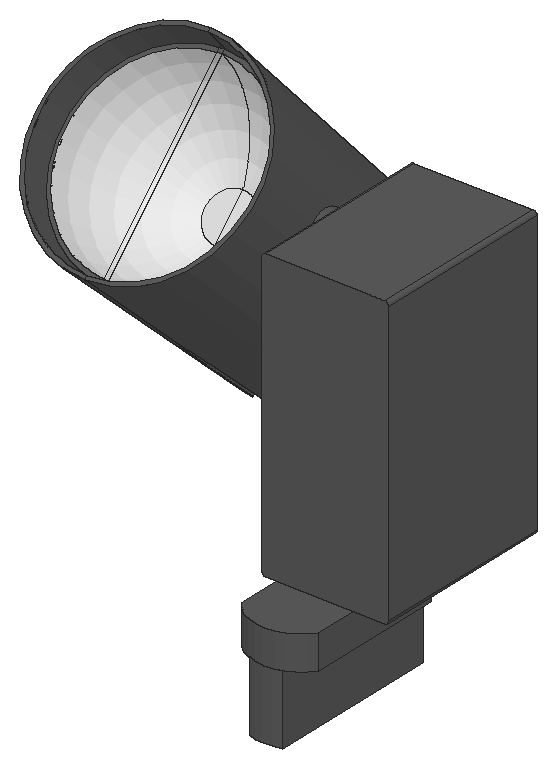
Revit family "0004947 Feilo Sylvania Lighting Fixture START TRACK SPOT S DALI 1359LM 940 MB BLK", category Lighting Fixtures, host Face, Revit 2017 (continued)
Definition of nested family "Start Track Spot Head"
  Types (96, lengths in mm): name | Wattage | built-in parameter 1150134 | Photometric Web File | Model | built-in parameter 1150105 | Lumens | built-in parameter 1150107 | built-in parameter 1150106 | HeadThickness_FEILO | HeadRibOffset_FEILO | HeadRibDepth_FEILO | HeadRibCutWidth_FEILO | HeadRibCutOffset_FEILO | HeadReflectorRadius_FEILO | HeadReflectorOffset_FEILO | HeadLEDRadius_FEILO | HeadHeight_FEILO | HeadDiffusorOffset_FEILO | HeadDiaOut_FEILO | HeadDiaIn_FEILO | HeadAxisFromTop_FEILO | Emit from Circle Diameter | built-in parameter 1150104 | Description | Apparent Load
    0004864 START TRACK SPOT S 24W 3K RA90 WB WHITE | 24 W | (empty or 0) | "0004864.ies" | "START TRACK SPOT S 24W 3K RA90 WB WHITE" | 152.79 (stored number, unit not read) | 1920 lm | 3000 (stored number, unit not read) | 1.5279 (stored number, unit not read) | 1.5 | 4.179 | 55.714 | 7.167 | 50.87 | 50.588 | 55.714 | 9.556 | 117 | 9.435 | 86 | 77.477 | 69.354 | 77.477 | 7.4322 (stored number, unit not read) | "Integrated LED spotlight, Textured White - RAL9016, compact and minimalist design, ideal for retail applications, die-cast aluminium body, passive cooling heatsink. Beam angle: 64°, color temperature: 3000K , total system power: 24W, total fixture output: 1928 lm, LOR: 100%, colour rendering: Ra: 90 typical, LED Chromaticity: 3 step MacAdam ellipse, lifetime: >50000 hours at L70B50, energy class: A++, A+, A, IR/UV free light source without heat radiation, operating voltage: 220-240V / 50-60Hz, drive current: 600mA, electronic driver, non-dimmable, power factor: 0.95, electrical protection: Class II, Global Track 3 Phase adapter suitable for Global trac 3-circuit tracks, ingress protection rating: IP20, suitable for internal environment only, horizontal rotation: 355°, vertical tilt: 90°, dimensions: Ø86x140x200, weight: 0.966kg." | 24 VA
    0004863 START TRACK SPOT S 24W 3K RA90 MB WHITE | 24 W | (empty or 0) | "0004863.ies" | "START TRACK SPOT S 24W 3K RA90 MB WHITE" | 154.7 (stored number, unit not read) | 1944 lm | 3000 (stored number, unit not read) | 1.547 (stored number, unit not read) | 1.5 | 4.179 | 55.714 | 7.167 | 50.87 | 50.588 | 55.714 | 9.556 | 117 | 9.435 | 86 | 77.477 | 69.354 | 77.477 | 7.5251 (stored number, unit not read) | "Integrated LED spotlight, Textured White - RAL9016, compact and minimalist design, ideal for retail applications, die-cast aluminium body, passive cooling heatsink. Beam angle: 36°, color temperature: 3000K , total system power: 24W, total fixture output: 1944 lm, LOR: 100%, colour rendering: Ra: 90 typical, LED Chromaticity: 3 step MacAdam ellipse, lifetime: >50000 hours at L70B50, energy class: A++, A+, A, IR/UV free light source without heat radiation, operating voltage: 220-240V / 50-60Hz, drive current: 600mA, electronic driver, non-dimmable, power factor: 0.95, electrical protection: Class II, Global Track 3 Phase adapter suitable for Global trac 3-circuit tracks, ingress protection rating: IP20, suitable for internal environment only, horizontal rotation: 355°, vertical tilt: 90°, dimensions: Ø86x140x200, weight: 0.966kg." | 24 VA
    0004862 START TRACK SPOT S 24W 3K RA90 NB WHITE | 24 W | (empty or 0) | "0004862.ies" | "START TRACK SPOT S 24W 3K RA90 NB WHITE" | 158.52 (stored number, unit not read) | 1992 lm | 3000 (stored number, unit not read) | 1.5852 (stored number, unit not read) | 1.5 | 4.179 | 55.714 | 7.167 | 50.87 | 50.588 | 55.714 | 9.556 | 117 | 9.435 | 86 | 77.477 | 69.354 | 77.477 | 7.711 (stored number, unit not read) | "Integrated LED spotlight, Textured White - RAL9016, compact and minimalist design, ideal for retail applications, die-cast aluminium body, passive cooling heatsink. Beam angle: 12°, color temperature: 3000K , total system power: 24W, total fixture output: 1987 lm, LOR: 100%, colour rendering: Ra: 90 typical, LED Chromaticity: 3 step MacAdam ellipse, lifetime: >50000 hours at L70B50, energy class: A++, A+, A, IR/UV free light source without heat radiation, operating voltage: 220-240V / 50-60Hz, drive current: 600mA, electronic driver, non-dimmable, power factor: 0.95, electrical protection: Class II, Global Track 3 Phase adapter suitable for Global trac 3-circuit tracks, ingress protection rating: IP20, suitable for internal environment only, horizontal rotation: 355°, vertical tilt: 90°, dimensions: Ø86x140x200, weight: 0.966kg." | 24 VA
    0004861 START TRACK SPOT S 14W 3K RA90 WB WHITE | 14 W | (empty or 0) | "0004861.ies" | "START TRACK SPOT S 14W 3K RA90 WB WHITE" | 100.27 (stored number, unit not read) | 1260 lm | 3000 (stored number, unit not read) | 1.0027 (stored number, unit not read) | 1.5 | 4.179 | 55.714 | 7.167 | 50.87 | 50.588 | 55.714 | 9.556 | 117 | 9.435 | 86 | 77.477 | 69.354 | 77.477 | 8.3613 (stored number, unit not read) | "Integrated LED spotlight, Textured White - RAL9016, compact and minimalist design, ideal for retail applications, die-cast aluminium body, passive cooling heatsink. Beam angle: 64°, color temperature: 3000K , total system power: 14W, total fixture output: 1262 lm, LOR: 100%, colour rendering: Ra: 90 typical, LED Chromaticity: 3 step MacAdam ellipse, lifetime: >50000 hours at L70B50, energy class: A++, A+, A, IR/UV free light source without heat radiation, operating voltage: 220-240V / 50-60Hz, drive current: 350mA, electronic driver, non-dimmable, power factor: 0.92, electrical protection: Class II, Global Track 3 Phase adapter suitable for Global trac 3-circuit tracks, ingress protection rating: IP20, suitable for internal environment only, horizontal rotation: 355°, vertical tilt: 90°, dimensions: Ø86x140x200, weight: 0.940kg." | 14 VA
    0004860 START TRACK SPOT S 14W 3K RA90 MB WHITE | 14 W | (empty or 0) | "0004860.ies" | "START TRACK SPOT S 14W 3K RA90 MB WHITE" | 100.27 (stored number, unit not read) | 1260 lm | 3000 (stored number, unit not read) | 1.0027 (stored number, unit not read) | 1.5 | 4.179 | 55.714 | 7.167 | 50.87 | 50.588 | 55.714 | 9.556 | 117 | 9.435 | 86 | 77.477 | 69.354 | 77.477 | 8.3613 (stored number, unit not read) | "Integrated LED spotlight, Textured White - RAL9016, compact and minimalist design, ideal for retail applications, die-cast aluminium body, passive cooling heatsink. Beam angle: 36°, color temperature: 3000K , total system power: 14W, total fixture output: 1262 lm, LOR: 100%, colour rendering: Ra: 90 typical, LED Chromaticity: 3 step MacAdam ellipse, lifetime: >50000 hours at L70B50, energy class: A++, A+, A, IR/UV free light source without heat radiation, operating voltage: 220-240V / 50-60Hz, drive current: 350mA, electronic driver, non-dimmable, power factor: 0.92, electrical protection: Class II, Global Track 3 Phase adapter suitable for Global trac 3-circuit tracks, ingress protection rating: IP20, suitable for internal environment only, horizontal rotation: 355°, vertical tilt: 90°, dimensions: Ø86x140x200, weight: 0.940kg." | 14 VA
    0004859 START TRACK SPOT S 14W 3K RA90 NB WHITE | 14 W | (empty or 0) | "0004859.ies" | "START TRACK SPOT S 14W 3K RA90 NB WHITE" | 102.5 (stored number, unit not read) | 1288 lm | 3000 (stored number, unit not read) | 1.025 (stored number, unit not read) | 1.5 | 4.179 | 55.714 | 7.167 | 50.87 | 50.588 | 55.714 | 9.556 | 117 | 9.435 | 86 | 77.477 | 69.354 | 77.477 | 8.5471 (stored number, unit not read) | "Integrated LED spotlight, Textured White - RAL9016, compact and minimalist design, ideal for retail applications, die-cast aluminium body, passive cooling heatsink. Beam angle: 12°, color temperature: 3000K , total system power: 14W, total fixture output: 1284 lm, LOR: 100%, colour rendering: Ra: 90 typical, LED Chromaticity: 3 step MacAdam ellipse, lifetime: >50000 hours at L70B50, energy class: A++, A+, A, IR/UV free light source without heat radiation, operating voltage: 220-240V / 50-60Hz, drive current: 350mA, electronic driver, non-dimmable, power factor: 0.92, electrical protection: Class II, Global Track 3 Phase adapter suitable for Global trac 3-circuit tracks, ingress protection rating: IP20, suitable for internal environment only, horizontal rotation: 355°, vertical tilt: 90°, dimensions: Ø86x140x200, weight: 0.940kg." | 14 VA
    0004858 START TRACK SPOT L 55W 4K RA80 WB BLACK | 55 W | 12 | "0004858.ies" | "START TRACK SPOT L 55W 4K RA80 WB BLACK" | 424.55 (stored number, unit not read) | 5335 lm | 4000 (stored number, unit not read) | 4.2455 (stored number, unit not read) | 2 | 4.429 | 59.048 | 9.417 | 53.913 | 66.471 | 59.048 | 12.556 | 124 | 10 | 113 | 101.802 | 73.503 | 101.802 | 9.0116 (stored number, unit not read) | "Integrated LED spotlight, Textured Black - RAL9005, compact and minimalist design, ideal for retail applications, die-cast aluminium body, passive cooling heatsink. Beam angle: 52°, color temperature: 4000K , total system power: 55W, total fixture output: 5320 lm, LOR: 100%, colour rendering: Ra: 80 typical, LED Chromaticity: 3 step MacAdam ellipse, lifetime: >50000 hours at L70B50, energy class: A++, A+, A, IR/UV free light source without heat radiation, operating voltage: 220-240V / 50-60Hz, drive current: 1400mA, electronic driver, non-dimmable, power factor: 0.96, electrical protection: Class II, Global Track 3 Phase adapter suitable for Global trac 3-circuit tracks, ingress protection rating: IP20, suitable for internal environment only, horizontal rotation: 355°, vertical tilt: 90°, dimensions: Ø113x164x240, weight: 1.398kg." | 55 VA
    0004857 START TRACK SPOT L 55W 4K RA80 MB BLACK | 55 W | 12 | "0004857.ies" | "START TRACK SPOT L 55W 4K RA80 MB BLACK" | 428.92 (stored number, unit not read) | 5390 lm | 4000 (stored number, unit not read) | 4.2892 (stored number, unit not read) | 2 | 4.429 | 59.048 | 9.417 | 53.913 | 66.471 | 59.048 | 12.556 | 124 | 10 | 113 | 101.802 | 73.503 | 101.802 | 9.1045 (stored number, unit not read) | "Integrated LED spotlight, Textured Black - RAL9005, compact and minimalist design, ideal for retail applications, die-cast aluminium body, passive cooling heatsink. Beam angle: 38°, color temperature: 4000K , total system power: 55W, total fixture output: 5378 lm, LOR: 100%, colour rendering: Ra: 80 typical, LED Chromaticity: 3 step MacAdam ellipse, lifetime: >50000 hours at L70B50, energy class: A++, A+, A, IR/UV free light source without heat radiation, operating voltage: 220-240V / 50-60Hz, drive current: 1400mA, electronic driver, non-dimmable, power factor: 0.96, electrical protection: Class II, Global Track 3 Phase adapter suitable for Global trac 3-circuit tracks, ingress protection rating: IP20, suitable for internal environment only, horizontal rotation: 355°, vertical tilt: 90°, dimensions: Ø113x164x240, weight: 1.398kg." | 55 VA
    0004856 START TRACK SPOT L 55W 4K RA80 NB BLACK | 55 W | 12 | "0004856.ies" | "START TRACK SPOT L 55W 4K RA80 NB BLACK" | 433.3 (stored number, unit not read) | 5445 lm | 4000 (stored number, unit not read) | 4.333 (stored number, unit not read) | 2 | 4.429 | 59.048 | 9.417 | 53.913 | 66.471 | 59.048 | 12.556 | 124 | 10 | 113 | 101.802 | 73.503 | 101.802 | 9.1974 (stored number, unit not read) | "Integrated LED spotlight, Textured Black - RAL9005, compact and minimalist design, ideal for retail applications, die-cast aluminium body, passive cooling heatsink. Beam angle: 15°, color temperature: 4000K , total system power: 55W, total fixture output: 5426 lm, LOR: 100%, colour rendering: Ra: 80 typical, LED Chromaticity: 3 step MacAdam ellipse, lifetime: >50000 hours at L70B50, energy class: A++, A+, A, IR/UV free light source without heat radiation, operating voltage: 220-240V / 50-60Hz, drive current: 1400mA, electronic driver, non-dimmable, power factor: 0.96, electrical protection: Class II, Global Track 3 Phase adapter suitable for Global trac 3-circuit tracks, ingress protection rating: IP20, suitable for internal environment only, horizontal rotation: 355°, vertical tilt: 90°, dimensions: Ø113x164x240, weight: 1.398kg." | 55 VA
    0004855 START TRACK SPOT L 35W 4K RA80 WB BLACK | 35 W | 12 | "0004855.ies" | "START TRACK SPOT L 35W 4K RA80 WB BLACK" | 320.3 (stored number, unit not read) | 4025 lm | 4000 (stored number, unit not read) | 3.203 (stored number, unit not read) | 2 | 4.429 | 59.048 | 9.417 | 53.913 | 66.471 | 59.048 | 12.556 | 124 | 10 | 113 | 101.802 | 73.503 | 101.802 | 10.684 (stored number, unit not read) | "Integrated LED spotlight, Textured Black - RAL9005, compact and minimalist design, ideal for retail applications, die-cast aluminium body, passive cooling heatsink. Beam angle: 52°, color temperature: 4000K , total system power: 35W, total fixture output: 4010 lm, LOR: 100%, colour rendering: Ra: 80 typical, LED Chromaticity: 3 step MacAdam ellipse, lifetime: >50000 hours at L70B50, energy class: A++, A+, A, IR/UV free light source without heat radiation, operating voltage: 220-240V / 50-60Hz, drive current: 900mA, electronic driver, non-dimmable, power factor: 0.93, electrical protection: Class II, Global Track 3 Phase adapter suitable for Global trac 3-circuit tracks, ingress protection rating: IP20, suitable for internal environment only, horizontal rotation: 355°, vertical tilt: 90°, dimensions: Ø113x164x240, weight: 1.368kg." | 35 VA
    0004854 START TRACK SPOT L 35W 4K RA80 MB BLACK | 35 W | 12 | "0004854.ies" | "START TRACK SPOT L 35W 4K RA80 MB BLACK" | 320.3 (stored number, unit not read) | 4025 lm | 4000 (stored number, unit not read) | 3.203 (stored number, unit not read) | 2 | 4.429 | 59.048 | 9.417 | 53.913 | 66.471 | 59.048 | 12.556 | 124 | 10 | 113 | 101.802 | 73.503 | 101.802 | 10.684 (stored number, unit not read) | "Integrated LED spotlight, Textured Black - RAL9005, compact and minimalist design, ideal for retail applications, die-cast aluminium body, passive cooling heatsink. Beam angle: 38°, color temperature: 4000K , total system power: 35W, total fixture output: 4017 lm, LOR: 100%, colour rendering: Ra: 80 typical, LED Chromaticity: 3 step MacAdam ellipse, lifetime: >50000 hours at L70B50, energy class: A++, A+, A, IR/UV free light source without heat radiation, operating voltage: 220-240V / 50-60Hz, drive current: 900mA, electronic driver, non-dimmable, power factor: 0.93, electrical protection: Class II, Global Track 3 Phase adapter suitable for Global trac 3-circuit tracks, ingress protection rating: IP20, suitable for internal environment only, horizontal rotation: 355°, vertical tilt: 90°, dimensions: Ø113x164x240, weight: 1.368kg." | 35 VA
    0004853 START TRACK SPOT L 35W 4K RA80 NB BLACK | 35 W | 12 | "0004853.ies" | "START TRACK SPOT L 35W 4K RA80 NB BLACK" | 331.44 (stored number, unit not read) | 4165 lm | 4000 (stored number, unit not read) | 3.3144 (stored number, unit not read) | 2 | 4.429 | 59.048 | 9.417 | 53.913 | 66.471 | 59.048 | 12.556 | 124 | 10 | 113 | 101.802 | 73.503 | 101.802 | 11.055 (stored number, unit not read) | "Integrated LED spotlight, Textured Black - RAL9005, compact and minimalist design, ideal for retail applications, die-cast aluminium body, passive cooling heatsink. Beam angle: 15°, color temperature: 4000K , total system power: 35W, total fixture output: 4174 lm, LOR: 100%, colour rendering: Ra: 80 typical, LED Chromaticity: 3 step MacAdam ellipse, lifetime: >50000 hours at L70B50, energy class: A++, A+, A, IR/UV free light source without heat radiation, operating voltage: 220-240V / 50-60Hz, drive current: 900mA, electronic driver, non-dimmable, power factor: 0.93, electrical protection: Class II, Global Track 3 Phase adapter suitable for Global trac 3-circuit tracks, ingress protection rating: IP20, suitable for internal environment only, horizontal rotation: 355°, vertical tilt: 90°, dimensions: Ø113x164x240, weight: 1.368kg." | 35 VA
    0004852 START TRACK SPOT S 24W 4K RA80 WB BLACK | 24 W | 12 | "0004852.ies" | "START TRACK SPOT S 24W 4K RA80 WB BLACK" | 196.72 (stored number, unit not read) | 2472 lm | 4000 (stored number, unit not read) | 1.9672 (stored number, unit not read) | 1.5 | 4.179 | 55.714 | 7.167 | 50.87 | 50.588 | 55.714 | 9.556 | 117 | 9.435 | 86 | 77.477 | 69.354 | 77.477 | 9.569 (stored number, unit not read) | "Integrated LED spotlight, Textured Black - RAL9005, compact and minimalist design, ideal for retail applications, die-cast aluminium body, passive cooling heatsink. Beam angle: 64°, color temperature: 4000K , total system power: 24W, total fixture output: 2476 lm, LOR: 100%, colour rendering: Ra: 80 typical, LED Chromaticity: 3 step MacAdam ellipse, lifetime: >50000 hours at L70B50, energy class: A++, A+, A, IR/UV free light source without heat radiation, operating voltage: 220-240V / 50-60Hz, drive current: 600mA, electronic driver, non-dimmable, power factor: 0.95, electrical protection: Class II, Global Track 3 Phase adapter suitable for Global trac 3-circuit tracks, ingress protection rating: IP20, suitable for internal environment only, horizontal rotation: 355°, vertical tilt: 90°, dimensions: Ø86x140x200, weight: 0.966kg." | 24 VA
    0004851 START TRACK SPOT S 24W 4K RA80 MB BLACK | 24 W | 12 | "0004851.ies" | "START TRACK SPOT S 24W 4K RA80 MB BLACK" | 198.63 (stored number, unit not read) | 2496 lm | 4000 (stored number, unit not read) | 1.9863 (stored number, unit not read) | 1.5 | 4.179 | 55.714 | 7.167 | 50.87 | 50.588 | 55.714 | 9.556 | 117 | 9.435 | 86 | 77.477 | 69.354 | 77.477 | 9.6619 (stored number, unit not read) | "Integrated LED spotlight, Textured Black - RAL9005, compact and minimalist design, ideal for retail applications, die-cast aluminium body, passive cooling heatsink. Beam angle: 36°, color temperature: 4000K , total system power: 24W, total fixture output: 2487 lm, LOR: 100%, colour rendering: Ra: 80 typical, LED Chromaticity: 3 step MacAdam ellipse, lifetime: >50000 hours at L70B50, energy class: A++, A+, A, IR/UV free light source without heat radiation, operating voltage: 220-240V / 50-60Hz, drive current: 600mA, electronic driver, non-dimmable, power factor: 0.95, electrical protection: Class II, Global Track 3 Phase adapter suitable for Global trac 3-circuit tracks, ingress protection rating: IP20, suitable for internal environment only, horizontal rotation: 355°, vertical tilt: 90°, dimensions: Ø86x140x200, weight: 0.966kg." | 24 VA
    0004850 START TRACK SPOT S 24W 4K RA80 NB BLACK | 24 W | 12 | "0004850.ies" | "START TRACK SPOT S 24W 4K RA80 NB BLACK" | 200.54 (stored number, unit not read) | 2520 lm | 4000 (stored number, unit not read) | 2.0054 (stored number, unit not read) | 1.5 | 4.179 | 55.714 | 7.167 | 50.87 | 50.588 | 55.714 | 9.556 | 117 | 9.435 | 86 | 77.477 | 69.354 | 77.477 | 9.7548 (stored number, unit not read) | "Integrated LED spotlight, Textured Black - RAL9005, compact and minimalist design, ideal for retail applications, die-cast aluminium body, passive cooling heatsink. Beam angle: 12°, color temperature: 4000K , total system power: 24W, total fixture output: 2529 lm, LOR: 100%, colour rendering: Ra: 80 typical, LED Chromaticity: 3 step MacAdam ellipse, lifetime: >50000 hours at L70B50, energy class: A++, A+, A, IR/UV free light source without heat radiation, operating voltage: 220-240V / 50-60Hz, drive current: 600mA, electronic driver, non-dimmable, power factor: 0.95, electrical protection: Class II, Global Track 3 Phase adapter suitable for Global trac 3-circuit tracks, ingress protection rating: IP20, suitable for internal environment only, horizontal rotation: 355°, vertical tilt: 90°, dimensions: Ø86x140x200, weight: 0.966kg." | 24 VA
    0004849 START TRACK SPOT S 14W 4K RA80 WB BLACK | 14 W | 12 | "0004849.ies" | "START TRACK SPOT S 14W 4K RA80 WB BLACK" | 123.66 (stored number, unit not read) | 1554 lm | 4000 (stored number, unit not read) | 1.2366 (stored number, unit not read) | 1.5 | 4.179 | 55.714 | 7.167 | 50.87 | 50.588 | 55.714 | 9.556 | 117 | 9.435 | 86 | 77.477 | 69.354 | 77.477 | 10.312 (stored number, unit not read) | "Integrated LED spotlight, Textured Black - RAL9005, compact and minimalist design, ideal for retail applications, die-cast aluminium body, passive cooling heatsink. Beam angle: 64°, color temperature: 4000K , total system power: 14W, total fixture output: 1558 lm, LOR: 100%, colour rendering: Ra: 80 typical, LED Chromaticity: 3 step MacAdam ellipse, lifetime: >50000 hours at L70B50, energy class: A++, A+, A, IR/UV free light source without heat radiation, operating voltage: 220-240V / 50-60Hz, drive current: 350mA, electronic driver, non-dimmable, power factor: 0.92, electrical protection: Class II, Global Track 3 Phase adapter suitable for Global trac 3-circuit tracks, ingress protection rating: IP20, suitable for internal environment only, horizontal rotation: 355°, vertical tilt: 90°, dimensions: Ø86x140x200, weight: 0.940kg." | 14 VA
    0004848 START TRACK SPOT S 14W 4K RA80 MB BLACK | 14 W | 12 | "0004848.ies" | "START TRACK SPOT S 14W 4K RA80 MB BLACK" | 127.01 (stored number, unit not read) | 1596 lm | 4000 (stored number, unit not read) | 1.2701 (stored number, unit not read) | 1.5 | 4.179 | 55.714 | 7.167 | 50.87 | 50.588 | 55.714 | 9.556 | 117 | 9.435 | 86 | 77.477 | 69.354 | 77.477 | 10.591 (stored number, unit not read) | "Integrated LED spotlight, Textured Black - RAL9005, compact and minimalist design, ideal for retail applications, die-cast aluminium body, passive cooling heatsink. Beam angle: 36°, color temperature: 4000K , total system power: 14W, total fixture output: 1598 lm, LOR: 100%, colour rendering: Ra: 80 typical, LED Chromaticity: 3 step MacAdam ellipse, lifetime: >50000 hours at L70B50, energy class: A++, A+, A, IR/UV free light source without heat radiation, operating voltage: 220-240V / 50-60Hz, drive current: 350mA, electronic driver, non-dimmable, power factor: 0.92, electrical protection: Class II, Global Track 3 Phase adapter suitable for Global trac 3-circuit tracks, ingress protection rating: IP20, suitable for internal environment only, horizontal rotation: 355°, vertical tilt: 90°, dimensions: Ø86x140x200, weight: 0.940kg." | 14 VA
    0004847 START TRACK SPOT S 14W 4K RA80 NB BLACK | 14 W | 12 | "0004847.ies" | "START TRACK SPOT S 14W 4K RA80 NB BLACK" | 128.12 (stored number, unit not read) | 1610 lm | 4000 (stored number, unit not read) | 1.2812 (stored number, unit not read) | 1.5 | 4.179 | 55.714 | 7.167 | 50.87 | 50.588 | 55.714 | 9.556 | 117 | 9.435 | 86 | 77.477 | 69.354 | 77.477 | 10.684 (stored number, unit not read) | "Integrated LED spotlight, Textured Black - RAL9005, compact and minimalist design, ideal for retail applications, die-cast aluminium body, passive cooling heatsink. Beam angle: 12°, color temperature: 4000K , total system power: 14W, total fixture output: 1608 lm, LOR: 100%, colour rendering: Ra: 80 typical, LED Chromaticity: 3 step MacAdam ellipse, lifetime: >50000 hours at L70B50, energy class: A++, A+, A, IR/UV free light source without heat radiation, operating voltage: 220-240V / 50-60Hz, drive current: 350mA, electronic driver, non-dimmable, power factor: 0.92, electrical protection: Class II, Global Track 3 Phase adapter suitable for Global trac 3-circuit tracks, ingress protection rating: IP20, suitable for internal environment only, horizontal rotation: 355°, vertical tilt: 90°, dimensions: Ø86x140x200, weight: 0.940kg." | 14 VA
    0004846 START TRACK SPOT L 55W 3K RA80 WB BLACK | 55 W | (empty or 0) | "0004846.ies" | "START TRACK SPOT L 55W 3K RA80 WB BLACK" | 420.17 (stored number, unit not read) | 5280 lm | 3000 (stored number, unit not read) | 4.2017 (stored number, unit not read) | 2 | 4.429 | 59.048 | 9.417 | 53.913 | 66.471 | 59.048 | 12.556 | 124 | 10 | 113 | 101.802 | 73.503 | 101.802 | 8.9187 (stored number, unit not read) | "Integrated LED spotlight, Textured Black - RAL9005, compact and minimalist design, ideal for retail applications, die-cast aluminium body, passive cooling heatsink. Beam angle: 52°, color temperature: 3000K , total system power: 55W, total fixture output: 5298 lm, LOR: 100%, colour rendering: Ra: 80 typical, LED Chromaticity: 3 step MacAdam ellipse, lifetime: >50000 hours at L70B50, energy class: A++, A+, A, IR/UV free light source without heat radiation, operating voltage: 220-240V / 50-60Hz, drive current: 1400mA, electronic driver, non-dimmable, power factor: 0.96, electrical protection: Class II, Global Track 3 Phase adapter suitable for Global trac 3-circuit tracks, ingress protection rating: IP20, suitable for internal environment only, horizontal rotation: 355°, vertical tilt: 90°, dimensions: Ø113x164x240, weight: 1.398kg." | 55 VA
    0004845 START TRACK SPOT L 55W 3K RA80 MB BLACK | 55 W | (empty or 0) | "0004845.ies" | "START TRACK SPOT L 55W 3K RA80 MB BLACK" | 428.92 (stored number, unit not read) | 5390 lm | 3000 (stored number, unit not read) | 4.2892 (stored number, unit not read) | 2 | 4.429 | 59.048 | 9.417 | 53.913 | 66.471 | 59.048 | 12.556 | 124 | 10 | 113 | 101.802 | 73.503 | 101.802 | 9.1045 (stored number, unit not read) | "Integrated LED spotlight, Textured Black - RAL9005, compact and minimalist design, ideal for retail applications, die-cast aluminium body, passive cooling heatsink. Beam angle: 38°, color temperature: 3000K , total system power: 55W, total fixture output: 5381 lm, LOR: 100%, colour rendering: Ra: 80 typical, LED Chromaticity: 3 step MacAdam ellipse, lifetime: >50000 hours at L70B50, energy class: A++, A+, A, IR/UV free light source without heat radiation, operating voltage: 220-240V / 50-60Hz, drive current: 1400mA, electronic driver, non-dimmable, power factor: 0.96, electrical protection: Class II, Global Track 3 Phase adapter suitable for Global trac 3-circuit tracks, ingress protection rating: IP20, suitable for internal environment only, horizontal rotation: 355°, vertical tilt: 90°, dimensions: Ø113x164x240, weight: 1.398kg." | 55 VA
    0004844 START TRACK SPOT L 55W 3K RA80 NB BLACK | 55 W | (empty or 0) | "0004844.ies" | "START TRACK SPOT L 55W 3K RA80 NB BLACK" | 433.3 (stored number, unit not read) | 5445 lm | 3000 (stored number, unit not read) | 4.333 (stored number, unit not read) | 2 | 4.429 | 59.048 | 9.417 | 53.913 | 66.471 | 59.048 | 12.556 | 124 | 10 | 113 | 101.802 | 73.503 | 101.802 | 9.1974 (stored number, unit not read) | "Integrated LED spotlight, Textured Black - RAL9005, compact and minimalist design, ideal for retail applications, die-cast aluminium body, passive cooling heatsink. Beam angle: 15°, color temperature: 3000K , total system power: 55W, total fixture output: 5449 lm, LOR: 100%, colour rendering: Ra: 80 typical, LED Chromaticity: 3 step MacAdam ellipse, lifetime: >50000 hours at L70B50, energy class: A++, A+, A, IR/UV free light source without heat radiation, operating voltage: 220-240V / 50-60Hz, drive current: 1400mA, electronic driver, non-dimmable, power factor: 0.96, electrical protection: Class II, Global Track 3 Phase adapter suitable for Global trac 3-circuit tracks, ingress protection rating: IP20, suitable for internal environment only, horizontal rotation: 355°, vertical tilt: 90°, dimensions: Ø113x164x240, weight: 1.398kg." | 55 VA
    0004843 START TRACK SPOT L 35W 3K RA80 WB BLACK | 35 W | (empty or 0) | "0004843.ies" | "START TRACK SPOT L 35W 3K RA80 WB BLACK" | 314.73 (stored number, unit not read) | 3955 lm | 3000 (stored number, unit not read) | 3.1473 (stored number, unit not read) | 2 | 4.429 | 59.048 | 9.417 | 53.913 | 66.471 | 59.048 | 12.556 | 124 | 10 | 113 | 101.802 | 73.503 | 101.802 | 10.498 (stored number, unit not read) | "Integrated LED spotlight, Textured Black - RAL9005, compact and minimalist design, ideal for retail applications, die-cast aluminium body, passive cooling heatsink. Beam angle: 52°, color temperature: 3000K , total system power: 35W, total fixture output: 3943 lm, LOR: 100%, colour rendering: Ra: 80 typical, LED Chromaticity: 3 step MacAdam ellipse, lifetime: >50000 hours at L70B50, energy class: A++, A+, A, IR/UV free light source without heat radiation, operating voltage: 220-240V / 50-60Hz, drive current: 900mA, electronic driver, non-dimmable, power factor: 0.93, electrical protection: Class II, Global Track 3 Phase adapter suitable for Global trac 3-circuit tracks, ingress protection rating: IP20, suitable for internal environment only, horizontal rotation: 355°, vertical tilt: 90°, dimensions: Ø113x164x240, weight: 1.368kg." | 35 VA
    0004842 START TRACK SPOT L 35W 3K RA80 MB BLACK | 35 W | (empty or 0) | "0004842.ies" | "START TRACK SPOT L 35W 3K RA80 MB BLACK" | 320.3 (stored number, unit not read) | 4025 lm | 3000 (stored number, unit not read) | 3.203 (stored number, unit not read) | 2 | 4.429 | 59.048 | 9.417 | 53.913 | 66.471 | 59.048 | 12.556 | 124 | 10 | 113 | 101.802 | 73.503 | 101.802 | 10.684 (stored number, unit not read) | "Integrated LED spotlight, Textured Black - RAL9005, compact and minimalist design, ideal for retail applications, die-cast aluminium body, passive cooling heatsink. Beam angle: 38°, color temperature: 3000K , total system power: 35W, total fixture output: 4008 lm, LOR: 100%, colour rendering: Ra: 80 typical, LED Chromaticity: 3 step MacAdam ellipse, lifetime: >50000 hours at L70B50, energy class: A++, A+, A, IR/UV free light source without heat radiation, operating voltage: 220-240V / 50-60Hz, drive current: 900mA, electronic driver, non-dimmable, power factor: 0.93, electrical protection: Class II, Global Track 3 Phase adapter suitable for Global trac 3-circuit tracks, ingress protection rating: IP20, suitable for internal environment only, horizontal rotation: 355°, vertical tilt: 90°, dimensions: Ø113x164x240, weight: 1.368kg." | 35 VA
    0004841 START TRACK SPOT L 35W 3K RA80 NB BLACK | 35 W | (empty or 0) | "0004841.ies" | "START TRACK SPOT L 35W 3K RA80 NB BLACK" | 317.51 (stored number, unit not read) | 3990 lm | 3000 (stored number, unit not read) | 3.1751 (stored number, unit not read) | 2 | 4.429 | 59.048 | 9.417 | 53.913 | 66.471 | 59.048 | 12.556 | 124 | 10 | 113 | 101.802 | 73.503 | 101.802 | 10.591 (stored number, unit not read) | "Integrated LED spotlight, Textured Black - RAL9005, compact and minimalist design, ideal for retail applications, die-cast aluminium body, passive cooling heatsink. Beam angle: 15°, color temperature: 3000K , total system power: 35W, total fixture output: 4005 lm, LOR: 100%, colour rendering: Ra: 80 typical, LED Chromaticity: 3 step MacAdam ellipse, lifetime: >50000 hours at L70B50, energy class: A++, A+, A, IR/UV free light source without heat radiation, operating voltage: 220-240V / 50-60Hz, drive current: 900mA, electronic driver, non-dimmable, power factor: 0.93, electrical protection: Class II, Global Track 3 Phase adapter suitable for Global trac 3-circuit tracks, ingress protection rating: IP20, suitable for internal environment only, horizontal rotation: 355°, vertical tilt: 90°, dimensions: Ø113x164x240, weight: 1.368kg." | 35 VA
    0004840 START TRACK SPOT S 24W 3K RA80 WB BLACK | 24 W | (empty or 0) | "0004840.ies" | "START TRACK SPOT S 24W 3K RA80 WB BLACK" | 185.26 (stored number, unit not read) | 2328 lm | 3000 (stored number, unit not read) | 1.8526 (stored number, unit not read) | 1.5 | 4.179 | 55.714 | 7.167 | 50.87 | 50.588 | 55.714 | 9.556 | 117 | 9.435 | 86 | 77.477 | 69.354 | 77.477 | 9.0116 (stored number, unit not read) | "Integrated LED spotlight, Textured Black - RAL9005, compact and minimalist design, ideal for retail applications, die-cast aluminium body, passive cooling heatsink. Beam angle: 64°, color temperature: 3000K , total system power: 24W, total fixture output: 2318 lm, LOR: 100%, colour rendering: Ra: 80 typical, LED Chromaticity: 3 step MacAdam ellipse, lifetime: >50000 hours at L70B50, energy class: A++, A+, A, IR/UV free light source without heat radiation, operating voltage: 220-240V / 50-60Hz, drive current: 600mA, electronic driver, non-dimmable, power factor: 0.95, electrical protection: Class II, Global Track 3 Phase adapter suitable for Global trac 3-circuit tracks, ingress protection rating: IP20, suitable for internal environment only, horizontal rotation: 355°, vertical tilt: 90°, dimensions: Ø86x140x200, weight: 0.966kg." | 24 VA
    0004839 START TRACK SPOT S 24W 3K RA80 MB BLACK | 24 W | (empty or 0) | "0004839.ies" | "START TRACK SPOT S 24W 3K RA80 MB BLACK" | 183.35 (stored number, unit not read) | 2304 lm | 3000 (stored number, unit not read) | 1.8335 (stored number, unit not read) | 1.5 | 4.179 | 55.714 | 7.167 | 50.87 | 50.588 | 55.714 | 9.556 | 117 | 9.435 | 86 | 77.477 | 69.354 | 77.477 | 8.9187 (stored number, unit not read) | "Integrated LED spotlight, Textured Black - RAL9005, compact and minimalist design, ideal for retail applications, die-cast aluminium body, passive cooling heatsink. Beam angle: 36°, color temperature: 3000K , total system power: 24W, total fixture output: 2314 lm, LOR: 100%, colour rendering: Ra: 80 typical, LED Chromaticity: 3 step MacAdam ellipse, lifetime: >50000 hours at L70B50, energy class: A++, A+, A, IR/UV free light source without heat radiation, operating voltage: 220-240V / 50-60Hz, drive current: 600mA, electronic driver, non-dimmable, power factor: 0.95, electrical protection: Class II, Global Track 3 Phase adapter suitable for Global trac 3-circuit tracks, ingress protection rating: IP20, suitable for internal environment only, horizontal rotation: 355°, vertical tilt: 90°, dimensions: Ø86x140x200, weight: 0.966kg." | 24 VA
    0004838 START TRACK SPOT S 24W 3K RA80 NB BLACK | 24 W | (empty or 0) | "0004838.ies" | "START TRACK SPOT S 24W 3K RA80 NB BLACK" | 185.26 (stored number, unit not read) | 2328 lm | 3000 (stored number, unit not read) | 1.8526 (stored number, unit not read) | 1.5 | 4.179 | 55.714 | 7.167 | 50.87 | 50.588 | 55.714 | 9.556 | 117 | 9.435 | 86 | 77.477 | 69.354 | 77.477 | 9.0116 (stored number, unit not read) | "Integrated LED spotlight, Textured Black - RAL9005, compact and minimalist design, ideal for retail applications, die-cast aluminium body, passive cooling heatsink. Beam angle: 12°, color temperature: 3000K , total system power: 24W, total fixture output: 2334 lm, LOR: 100%, colour rendering: Ra: 80 typical, LED Chromaticity: 3 step MacAdam ellipse, lifetime: >50000 hours at L70B50, energy class: A++, A+, A, IR/UV free light source without heat radiation, operating voltage: 220-240V / 50-60Hz, drive current: 600mA, electronic driver, non-dimmable, power factor: 0.95, electrical protection: Class II, Global Track 3 Phase adapter suitable for Global trac 3-circuit tracks, ingress protection rating: IP20, suitable for internal environment only, horizontal rotation: 355°, vertical tilt: 90°, dimensions: Ø86x140x200, weight: 0.966kg." | 24 VA
    0004837 START TRACK SPOT S 14W 3K RA80 WB BLACK | 14 W | (empty or 0) | "0004837.ies" | "START TRACK SPOT S 14W 3K RA80 WB BLACK" | 119.21 (stored number, unit not read) | 1498 lm | 3000 (stored number, unit not read) | 1.1921 (stored number, unit not read) | 1.5 | 4.179 | 55.714 | 7.167 | 50.87 | 50.588 | 55.714 | 9.556 | 117 | 9.435 | 86 | 77.477 | 69.354 | 77.477 | 9.9406 (stored number, unit not read) | "Integrated LED spotlight, Textured Black - RAL9005, compact and minimalist design, ideal for retail applications, die-cast aluminium body, passive cooling heatsink. Beam angle: 64°, color temperature: 3000K , total system power: 14W, total fixture output: 1498 lm, LOR: 100%, colour rendering: Ra: 80 typical, LED Chromaticity: 3 step MacAdam ellipse, lifetime: >50000 hours at L70B50, energy class: A++, A+, A, IR/UV free light source without heat radiation, operating voltage: 220-240V / 50-60Hz, drive current: 350mA, electronic driver, non-dimmable, power factor: 0.92, electrical protection: Class II, Global Track 3 Phase adapter suitable for Global trac 3-circuit tracks, ingress protection rating: IP20, suitable for internal environment only, horizontal rotation: 355°, vertical tilt: 90°, dimensions: Ø86x140x200, weight: 0.940kg." | 14 VA
    0004836 START TRACK SPOT S 14W 3K RA80 MB BLACK | 14 W | (empty or 0) | "0004836.ies" | "START TRACK SPOT S 14W 3K RA80 MB BLACK" | 120.32 (stored number, unit not read) | 1512 lm | 3000 (stored number, unit not read) | 1.2032 (stored number, unit not read) | 1.5 | 4.179 | 55.714 | 7.167 | 50.87 | 50.588 | 55.714 | 9.556 | 117 | 9.435 | 86 | 77.477 | 69.354 | 77.477 | 10.034 (stored number, unit not read) | "Integrated LED spotlight, Textured Black - RAL9005, compact and minimalist design, ideal for retail applications, die-cast aluminium body, passive cooling heatsink. Beam angle: 36°, color temperature: 3000K , total system power: 14W, total fixture output: 1508 lm, LOR: 100%, colour rendering: Ra: 80 typical, LED Chromaticity: 3 step MacAdam ellipse, lifetime: >50000 hours at L70B50, energy class: A++, A+, A, IR/UV free light source without heat radiation, operating voltage: 220-240V / 50-60Hz, drive current: 350mA, electronic driver, non-dimmable, power factor: 0.92, electrical protection: Class II, Global Track 3 Phase adapter suitable for Global trac 3-circuit tracks, ingress protection rating: IP20, suitable for internal environment only, horizontal rotation: 355°, vertical tilt: 90°, dimensions: Ø86x140x200, weight: 0.940kg." | 14 VA
    0004835 START TRACK SPOT S 14W 3K RA80 NB BLACK | 14 W | (empty or 0) | "0004835.ies" | "START TRACK SPOT S 14W 3K RA80 NB BLACK" | 123.66 (stored number, unit not read) | 1554 lm | 3000 (stored number, unit not read) | 1.2366 (stored number, unit not read) | 1.5 | 4.179 | 55.714 | 7.167 | 50.87 | 50.588 | 55.714 | 9.556 | 117 | 9.435 | 86 | 77.477 | 69.354 | 77.477 | 10.312 (stored number, unit not read) | "Integrated LED spotlight, Textured Black - RAL9005, compact and minimalist design, ideal for retail applications, die-cast aluminium body, passive cooling heatsink. Beam angle: 12°, color temperature: 3000K , total system power: 14W, total fixture output: 1551 lm, LOR: 100%, colour rendering: Ra: 80 typical, LED Chromaticity: 3 step MacAdam ellipse, lifetime: >50000 hours at L70B50, energy class: A++, A+, A, IR/UV free light source without heat radiation, operating voltage: 220-240V / 50-60Hz, drive current: 350mA, electronic driver, non-dimmable, power factor: 0.92, electrical protection: Class II, Global Track 3 Phase adapter suitable for Global trac 3-circuit tracks, ingress protection rating: IP20, suitable for internal environment only, horizontal rotation: 355°, vertical tilt: 90°, dimensions: Ø86x140x200, weight: 0.940kg." | 14 VA
    0004834 START TRACK SPOT L 55W 4K RA80 WB WHITE | 55 W | 12 | "0004834.ies" | "START TRACK SPOT L 55W 4K RA80 WB WHITE" | 424.55 (stored number, unit not read) | 5335 lm | 4000 (stored number, unit not read) | 4.2455 (stored number, unit not read) | 2 | 4.429 | 59.048 | 9.417 | 53.913 | 66.471 | 59.048 | 12.556 | 124 | 10 | 113 | 101.802 | 73.503 | 101.802 | 9.0116 (stored number, unit not read) | "Integrated LED spotlight, Textured White - RAL9016, compact and minimalist design, ideal for retail applications, die-cast aluminium body, passive cooling heatsink. Beam angle: 52°, color temperature: 4000K , total system power: 55W, total fixture output: 5320 lm, LOR: 100%, colour rendering: Ra: 80 typical, LED Chromaticity: 3 step MacAdam ellipse, lifetime: >50000 hours at L70B50, energy class: A++, A+, A, IR/UV free light source without heat radiation, operating voltage: 220-240V / 50-60Hz, drive current: 1400mA, electronic driver, non-dimmable, power factor: 0.96, electrical protection: Class II, Global Track 3 Phase adapter suitable for Global trac 3-circuit tracks, ingress protection rating: IP20, suitable for internal environment only, horizontal rotation: 355°, vertical tilt: 90°, dimensions: Ø113x164x240, weight: 1.398kg." | 55 VA
    0004833 START TRACK SPOT L 55W 4K RA80 MB WHITE | 55 W | 12 | "0004833.ies" | "START TRACK SPOT L 55W 4K RA80 MB WHITE" | 428.92 (stored number, unit not read) | 5390 lm | 4000 (stored number, unit not read) | 4.2892 (stored number, unit not read) | 2 | 4.429 | 59.048 | 9.417 | 53.913 | 66.471 | 59.048 | 12.556 | 124 | 10 | 113 | 101.802 | 73.503 | 101.802 | 9.1045 (stored number, unit not read) | "Integrated LED spotlight, Textured White - RAL9016, compact and minimalist design, ideal for retail applications, die-cast aluminium body, passive cooling heatsink. Beam angle: 38°, color temperature: 4000K , total system power: 55W, total fixture output: 5378 lm, LOR: 100%, colour rendering: Ra: 80 typical, LED Chromaticity: 3 step MacAdam ellipse, lifetime: >50000 hours at L70B50, energy class: A++, A+, A, IR/UV free light source without heat radiation, operating voltage: 220-240V / 50-60Hz, drive current: 1400mA, electronic driver, non-dimmable, power factor: 0.96, electrical protection: Class II, Global Track 3 Phase adapter suitable for Global trac 3-circuit tracks, ingress protection rating: IP20, suitable for internal environment only, horizontal rotation: 355°, vertical tilt: 90°, dimensions: Ø113x164x240, weight: 1.398kg." | 55 VA
    0004832 START TRACK SPOT L 55W 4K RA80 NB WHITE | 55 W | 12 | "0004832.ies" | "START TRACK SPOT L 55W 4K RA80 NB WHITE" | 433.3 (stored number, unit not read) | 5445 lm | 4000 (stored number, unit not read) | 4.333 (stored number, unit not read) | 2 | 4.429 | 59.048 | 9.417 | 53.913 | 66.471 | 59.048 | 12.556 | 124 | 10 | 113 | 101.802 | 73.503 | 101.802 | 9.1974 (stored number, unit not read) | "Integrated LED spotlight, Textured White - RAL9016, compact and minimalist design, ideal for retail applications, die-cast aluminium body, passive cooling heatsink. Beam angle: 15°, color temperature: 4000K , total system power: 55W, total fixture output: 5426 lm, LOR: 100%, colour rendering: Ra: 80 typical, LED Chromaticity: 3 step MacAdam ellipse, lifetime: >50000 hours at L70B50, energy class: A++, A+, A, IR/UV free light source without heat radiation, operating voltage: 220-240V / 50-60Hz, drive current: 1400mA, electronic driver, non-dimmable, power factor: 0.96, electrical protection: Class II, Global Track 3 Phase adapter suitable for Global trac 3-circuit tracks, ingress protection rating: IP20, suitable for internal environment only, horizontal rotation: 355°, vertical tilt: 90°, dimensions: Ø113x164x240, weight: 1.398kg." | 55 VA
    0004831 START TRACK SPOT L 35W 4K RA80 WB WHITE | 35 W | 12 | "0004831.ies" | "START TRACK SPOT L 35W 4K RA80 WB WHITE" | 320.3 (stored number, unit not read) | 4025 lm | 4000 (stored number, unit not read) | 3.203 (stored number, unit not read) | 2 | 4.429 | 59.048 | 9.417 | 53.913 | 66.471 | 59.048 | 12.556 | 124 | 10 | 113 | 101.802 | 73.503 | 101.802 | 10.684 (stored number, unit not read) | "Integrated LED spotlight, Textured White - RAL9016, compact and minimalist design, ideal for retail applications, die-cast aluminium body, passive cooling heatsink. Beam angle: 52°, color temperature: 4000K , total system power: 35W, total fixture output: 4010 lm, LOR: 100%, colour rendering: Ra: 80 typical, LED Chromaticity: 3 step MacAdam ellipse, lifetime: >50000 hours at L70B50, energy class: A++, A+, A, IR/UV free light source without heat radiation, operating voltage: 220-240V / 50-60Hz, drive current: 900mA, electronic driver, non-dimmable, power factor: 0.93, electrical protection: Class II, Global Track 3 Phase adapter suitable for Global trac 3-circuit tracks, ingress protection rating: IP20, suitable for internal environment only, horizontal rotation: 355°, vertical tilt: 90°, dimensions: Ø113x164x240, weight: 1.368kg." | 35 VA
    0004830 START TRACK SPOT L 35W 4K RA80 MB WHITE | 35 W | 12 | "0004830.ies" | "START TRACK SPOT L 35W 4K RA80 MB WHITE" | 320.3 (stored number, unit not read) | 4025 lm | 4000 (stored number, unit not read) | 3.203 (stored number, unit not read) | 2 | 4.429 | 59.048 | 9.417 | 53.913 | 66.471 | 59.048 | 12.556 | 124 | 10 | 113 | 101.802 | 73.503 | 101.802 | 10.684 (stored number, unit not read) | "Integrated LED spotlight, Textured White - RAL9016, compact and minimalist design, ideal for retail applications, die-cast aluminium body, passive cooling heatsink. Beam angle: 38°, color temperature: 4000K , total system power: 35W, total fixture output: 4017 lm, LOR: 100%, colour rendering: Ra: 80 typical, LED Chromaticity: 3 step MacAdam ellipse, lifetime: >50000 hours at L70B50, energy class: A++, A+, A, IR/UV free light source without heat radiation, operating voltage: 220-240V / 50-60Hz, drive current: 900mA, electronic driver, non-dimmable, power factor: 0.93, electrical protection: Class II, Global Track 3 Phase adapter suitable for Global trac 3-circuit tracks, ingress protection rating: IP20, suitable for internal environment only, horizontal rotation: 355°, vertical tilt: 90°, dimensions: Ø113x164x240, weight: 1.368kg." | 35 VA
    0004829 START TRACK SPOT L 35W 4K RA80 NB WHITE | 35 W | 12 | "0004829.ies" | "START TRACK SPOT L 35W 4K RA80 NB WHITE" | 331.44 (stored number, unit not read) | 4165 lm | 4000 (stored number, unit not read) | 3.3144 (stored number, unit not read) | 2 | 4.429 | 59.048 | 9.417 | 53.913 | 66.471 | 59.048 | 12.556 | 124 | 10 | 113 | 101.802 | 73.503 | 101.802 | 11.055 (stored number, unit not read) | "Integrated LED spotlight, Textured White - RAL9016, compact and minimalist design, ideal for retail applications, die-cast aluminium body, passive cooling heatsink. Beam angle: 15°, color temperature: 4000K , total system power: 35W, total fixture output: 4174 lm, LOR: 100%, colour rendering: Ra: 80 typical, LED Chromaticity: 3 step MacAdam ellipse, lifetime: >50000 hours at L70B50, energy class: A++, A+, A, IR/UV free light source without heat radiation, operating voltage: 220-240V / 50-60Hz, drive current: 900mA, electronic driver, non-dimmable, power factor: 0.93, electrical protection: Class II, Global Track 3 Phase adapter suitable for Global trac 3-circuit tracks, ingress protection rating: IP20, suitable for internal environment only, horizontal rotation: 355°, vertical tilt: 90°, dimensions: Ø113x164x240, weight: 1.368kg." | 35 VA
    0004828 START TRACK SPOT S 24W 4K RA80 WB WHITE | 24 W | 12 | "0004828.ies" | "START TRACK SPOT S 24W 4K RA80 WB WHITE" | 196.72 (stored number, unit not read) | 2472 lm | 4000 (stored number, unit not read) | 1.9672 (stored number, unit not read) | 1.5 | 4.179 | 55.714 | 7.167 | 50.87 | 50.588 | 55.714 | 9.556 | 117 | 9.435 | 86 | 77.477 | 69.354 | 77.477 | 9.569 (stored number, unit not read) | "Integrated LED spotlight, Textured White - RAL9016, compact and minimalist design, ideal for retail applications, die-cast aluminium body, passive cooling heatsink. Beam angle: 64°, color temperature: 4000K , total system power: 24W, total fixture output: 2476 lm, LOR: 100%, colour rendering: Ra: 80 typical, LED Chromaticity: 3 step MacAdam ellipse, lifetime: >50000 hours at L70B50, energy class: A++, A+, A, IR/UV free light source without heat radiation, operating voltage: 220-240V / 50-60Hz, drive current: 600mA, electronic driver, non-dimmable, power factor: 0.95, electrical protection: Class II, Global Track 3 Phase adapter suitable for Global trac 3-circuit tracks, ingress protection rating: IP20, suitable for internal environment only, horizontal rotation: 355°, vertical tilt: 90°, dimensions: Ø86x140x200, weight: 0.966kg." | 24 VA
    0004827 START TRACK SPOT S 24W 4K RA80 MB WHITE | 24 W | 12 | "0004827.ies" | "START TRACK SPOT S 24W 4K RA80 MB WHITE" | 198.63 (stored number, unit not read) | 2496 lm | 4000 (stored number, unit not read) | 1.9863 (stored number, unit not read) | 1.5 | 4.179 | 55.714 | 7.167 | 50.87 | 50.588 | 55.714 | 9.556 | 117 | 9.435 | 86 | 77.477 | 69.354 | 77.477 | 9.6619 (stored number, unit not read) | "Integrated LED spotlight, Textured White - RAL9016, compact and minimalist design, ideal for retail applications, die-cast aluminium body, passive cooling heatsink. Beam angle: 36°, color temperature: 4000K , total system power: 24W, total fixture output: 2487 lm, LOR: 100%, colour rendering: Ra: 80 typical, LED Chromaticity: 3 step MacAdam ellipse, lifetime: >50000 hours at L70B50, energy class: A++, A+, A, IR/UV free light source without heat radiation, operating voltage: 220-240V / 50-60Hz, drive current: 600mA, electronic driver, non-dimmable, power factor: 0.95, electrical protection: Class II, Global Track 3 Phase adapter suitable for Global trac 3-circuit tracks, ingress protection rating: IP20, suitable for internal environment only, horizontal rotation: 355°, vertical tilt: 90°, dimensions: Ø86x140x200, weight: 0.966kg." | 24 VA
    0004826 START TRACK SPOT S 24W 4K RA80 NB WHITE | 24 W | 12 | "0004826.ies" | "START TRACK SPOT S 24W 4K RA80 NB WHITE" | 200.54 (stored number, unit not read) | 2520 lm | 4000 (stored number, unit not read) | 2.0054 (stored number, unit not read) | 1.5 | 4.179 | 55.714 | 7.167 | 50.87 | 50.588 | 55.714 | 9.556 | 117 | 9.435 | 86 | 77.477 | 69.354 | 77.477 | 9.7548 (stored number, unit not read) | "Integrated LED spotlight, Textured White - RAL9016, compact and minimalist design, ideal for retail applications, die-cast aluminium body, passive cooling heatsink. Beam angle: 12°, color temperature: 4000K , total system power: 24W, total fixture output: 2529 lm, LOR: 100%, colour rendering: Ra: 80 typical, LED Chromaticity: 3 step MacAdam ellipse, lifetime: >50000 hours at L70B50, energy class: A++, A+, A, IR/UV free light source without heat radiation, operating voltage: 220-240V / 50-60Hz, drive current: 600mA, electronic driver, non-dimmable, power factor: 0.95, electrical protection: Class II, Global Track 3 Phase adapter suitable for Global trac 3-circuit tracks, ingress protection rating: IP20, suitable for internal environment only, horizontal rotation: 355°, vertical tilt: 90°, dimensions: Ø86x140x200, weight: 0.966kg." | 24 VA
    0004825 START TRACK SPOT S 14W 4K RA80 WB WHITE | 14 W | 12 | "0004825.ies" | "START TRACK SPOT S 14W 4K RA80 WB WHITE" | 123.66 (stored number, unit not read) | 1554 lm | 4000 (stored number, unit not read) | 1.2366 (stored number, unit not read) | 1.5 | 4.179 | 55.714 | 7.167 | 50.87 | 50.588 | 55.714 | 9.556 | 117 | 9.435 | 86 | 77.477 | 69.354 | 77.477 | 10.312 (stored number, unit not read) | "Integrated LED spotlight, Textured White - RAL9016, compact and minimalist design, ideal for retail applications, die-cast aluminium body, passive cooling heatsink. Beam angle: 64°, color temperature: 4000K , total system power: 14W, total fixture output: 1558 lm, LOR: 100%, colour rendering: Ra: 80 typical, LED Chromaticity: 3 step MacAdam ellipse, lifetime: >50000 hours at L70B50, energy class: A++, A+, A, IR/UV free light source without heat radiation, operating voltage: 220-240V / 50-60Hz, drive current: 350mA, electronic driver, non-dimmable, power factor: 0.92, electrical protection: Class II, Global Track 3 Phase adapter suitable for Global trac 3-circuit tracks, ingress protection rating: IP20, suitable for internal environment only, horizontal rotation: 355°, vertical tilt: 90°, dimensions: Ø86x140x200, weight: 0.940kg." | 14 VA
    0004824 START TRACK SPOT S 14W 4K RA80 MB WHITE | 14 W | 12 | "0004824.ies" | "START TRACK SPOT S 14W 4K RA80 MB WHITE" | 127.01 (stored number, unit not read) | 1596 lm | 4000 (stored number, unit not read) | 1.2701 (stored number, unit not read) | 1.5 | 4.179 | 55.714 | 7.167 | 50.87 | 50.588 | 55.714 | 9.556 | 117 | 9.435 | 86 | 77.477 | 69.354 | 77.477 | 10.591 (stored number, unit not read) | "Integrated LED spotlight, Textured White - RAL9016, compact and minimalist design, ideal for retail applications, die-cast aluminium body, passive cooling heatsink. Beam angle: 36°, color temperature: 4000K , total system power: 14W, total fixture output: 1598 lm, LOR: 100%, colour rendering: Ra: 80 typical, LED Chromaticity: 3 step MacAdam ellipse, lifetime: >50000 hours at L70B50, energy class: A++, A+, A, IR/UV free light source without heat radiation, operating voltage: 220-240V / 50-60Hz, drive current: 350mA, electronic driver, non-dimmable, power factor: 0.92, electrical protection: Class II, Global Track 3 Phase adapter suitable for Global trac 3-circuit tracks, ingress protection rating: IP20, suitable for internal environment only, horizontal rotation: 355°, vertical tilt: 90°, dimensions: Ø86x140x200, weight: 0.940kg." | 14 VA
    0004823 START TRACK SPOT S 14W 4K RA80 NB WHITE | 14 W | 12 | "0004823.ies" | "START TRACK SPOT S 14W 4K RA80 NB WHITE" | 128.12 (stored number, unit not read) | 1610 lm | 4000 (stored number, unit not read) | 1.2812 (stored number, unit not read) | 1.5 | 4.179 | 55.714 | 7.167 | 50.87 | 50.588 | 55.714 | 9.556 | 117 | 9.435 | 86 | 77.477 | 69.354 | 77.477 | 10.684 (stored number, unit not read) | "Integrated LED spotlight, Textured White - RAL9016, compact and minimalist design, ideal for retail applications, die-cast aluminium body, passive cooling heatsink. Beam angle: 12°, color temperature: 4000K , total system power: 14W, total fixture output: 1608 lm, LOR: 100%, colour rendering: Ra: 80 typical, LED Chromaticity: 3 step MacAdam ellipse, lifetime: >50000 hours at L70B50, energy class: A++, A+, A, IR/UV free light source without heat radiation, operating voltage: 220-240V / 50-60Hz, drive current: 350mA, electronic driver, non-dimmable, power factor: 0.92, electrical protection: Class II, Global Track 3 Phase adapter suitable for Global trac 3-circuit tracks, ingress protection rating: IP20, suitable for internal environment only, horizontal rotation: 355°, vertical tilt: 90°, dimensions: Ø86x140x200, weight: 0.940kg." | 14 VA
    0004822 START TRACK SPOT L 55W 3K RA80 WB WHITE | 55 W | (empty or 0) | "0004822.ies" | "START TRACK SPOT L 55W 3K RA80 WB WHITE" | 420.17 (stored number, unit not read) | 5280 lm | 3000 (stored number, unit not read) | 4.2017 (stored number, unit not read) | 2 | 4.429 | 59.048 | 9.417 | 53.913 | 66.471 | 59.048 | 12.556 | 124 | 10 | 113 | 101.802 | 73.503 | 101.802 | 8.9187 (stored number, unit not read) | "Integrated LED spotlight, Textured White - RAL9016, compact and minimalist design, ideal for retail applications, die-cast aluminium body, passive cooling heatsink. Beam angle: 52°, color temperature: 3000K , total system power: 55W, total fixture output: 5298 lm, LOR: 100%, colour rendering: Ra: 80 typical, LED Chromaticity: 3 step MacAdam ellipse, lifetime: >50000 hours at L70B50, energy class: A++, A+, A, IR/UV free light source without heat radiation, operating voltage: 220-240V / 50-60Hz, drive current: 1400mA, electronic driver, non-dimmable, power factor: 0.96, electrical protection: Class II, Global Track 3 Phase adapter suitable for Global trac 3-circuit tracks, ingress protection rating: IP20, suitable for internal environment only, horizontal rotation: 355°, vertical tilt: 90°, dimensions: Ø113x164x240, weight: 1.398kg." | 55 VA
    0004821 START TRACK SPOT L 55W 3K RA80 MB WHITE | 55 W | (empty or 0) | "0004821.ies" | "START TRACK SPOT L 55W 3K RA80 MB WHITE" | 428.92 (stored number, unit not read) | 5390 lm | 3000 (stored number, unit not read) | 4.2892 (stored number, unit not read) | 2 | 4.429 | 59.048 | 9.417 | 53.913 | 66.471 | 59.048 | 12.556 | 124 | 10 | 113 | 101.802 | 73.503 | 101.802 | 9.1045 (stored number, unit not read) | "Integrated LED spotlight, Textured White - RAL9016, compact and minimalist design, ideal for retail applications, die-cast aluminium body, passive cooling heatsink. Beam angle: 38°, color temperature: 3000K , total system power: 55W, total fixture output: 5381 lm, LOR: 100%, colour rendering: Ra: 80 typical, LED Chromaticity: 3 step MacAdam ellipse, lifetime: >50000 hours at L70B50, energy class: A++, A+, A, IR/UV free light source without heat radiation, operating voltage: 220-240V / 50-60Hz, drive current: 1400mA, electronic driver, non-dimmable, power factor: 0.96, electrical protection: Class II, Global Track 3 Phase adapter suitable for Global trac 3-circuit tracks, ingress protection rating: IP20, suitable for internal environment only, horizontal rotation: 355°, vertical tilt: 90°, dimensions: Ø113x164x240, weight: 1.398kg." | 55 VA
    0004820 START TRACK SPOT L 55W 3K RA80 NB WHITE | 55 W | (empty or 0) | "0004820.ies" | "START TRACK SPOT L 55W 3K RA80 NB WHITE" | 433.3 (stored number, unit not read) | 5445 lm | 3000 (stored number, unit not read) | 4.333 (stored number, unit not read) | 2 | 4.429 | 59.048 | 9.417 | 53.913 | 66.471 | 59.048 | 12.556 | 124 | 10 | 113 | 101.802 | 73.503 | 101.802 | 9.1974 (stored number, unit not read) | "Integrated LED spotlight, Textured White - RAL9016, compact and minimalist design, ideal for retail applications, die-cast aluminium body, passive cooling heatsink. Beam angle: 15°, color temperature: 3000K , total system power: 55W, total fixture output: 5449 lm, LOR: 100%, colour rendering: Ra: 80 typical, LED Chromaticity: 3 step MacAdam ellipse, lifetime: >50000 hours at L70B50, energy class: A++, A+, A, IR/UV free light source without heat radiation, operating voltage: 220-240V / 50-60Hz, drive current: 1400mA, electronic driver, non-dimmable, power factor: 0.96, electrical protection: Class II, Global Track 3 Phase adapter suitable for Global trac 3-circuit tracks, ingress protection rating: IP20, suitable for internal environment only, horizontal rotation: 355°, vertical tilt: 90°, dimensions: Ø113x164x240, weight: 1.398kg." | 55 VA
    0004819 START TRACK SPOT L 35W 3K RA80 WB WHITE | 35 W | (empty or 0) | "0004819.ies" | "START TRACK SPOT L 35W 3K RA80 WB WHITE" | 314.73 (stored number, unit not read) | 3955 lm | 3000 (stored number, unit not read) | 3.1473 (stored number, unit not read) | 2 | 4.429 | 59.048 | 9.417 | 53.913 | 66.471 | 59.048 | 12.556 | 124 | 10 | 113 | 101.802 | 73.503 | 101.802 | 10.498 (stored number, unit not read) | "Integrated LED spotlight, Textured White - RAL9016, compact and minimalist design, ideal for retail applications, die-cast aluminium body, passive cooling heatsink. Beam angle: 52°, color temperature: 3000K , total system power: 35W, total fixture output: 3943 lm, LOR: 100%, colour rendering: Ra: 80 typical, LED Chromaticity: 3 step MacAdam ellipse, lifetime: >50000 hours at L70B50, energy class: A++, A+, A, IR/UV free light source without heat radiation, operating voltage: 220-240V / 50-60Hz, drive current: 900mA, electronic driver, non-dimmable, power factor: 0.93, electrical protection: Class II, Global Track 3 Phase adapter suitable for Global trac 3-circuit tracks, ingress protection rating: IP20, suitable for internal environment only, horizontal rotation: 355°, vertical tilt: 90°, dimensions: Ø113x164x240, weight: 1.368kg." | 35 VA
    0004818 START TRACK SPOT L 35W 3K RA80 MB WHITE | 35 W | (empty or 0) | "0004818.ies" | "START TRACK SPOT L 35W 3K RA80 MB WHITE" | 320.3 (stored number, unit not read) | 4025 lm | 3000 (stored number, unit not read) | 3.203 (stored number, unit not read) | 2 | 4.429 | 59.048 | 9.417 | 53.913 | 66.471 | 59.048 | 12.556 | 124 | 10 | 113 | 101.802 | 73.503 | 101.802 | 10.684 (stored number, unit not read) | "Integrated LED spotlight, Textured White - RAL9016, compact and minimalist design, ideal for retail applications, die-cast aluminium body, passive cooling heatsink. Beam angle: 38°, color temperature: 3000K , total system power: 35W, total fixture output: 4008 lm, LOR: 100%, colour rendering: Ra: 80 typical, LED Chromaticity: 3 step MacAdam ellipse, lifetime: >50000 hours at L70B50, energy class: A++, A+, A, IR/UV free light source without heat radiation, operating voltage: 220-240V / 50-60Hz, drive current: 900mA, electronic driver, non-dimmable, power factor: 0.93, electrical protection: Class II, Global Track 3 Phase adapter suitable for Global trac 3-circuit tracks, ingress protection rating: IP20, suitable for internal environment only, horizontal rotation: 355°, vertical tilt: 90°, dimensions: Ø113x164x240, weight: 1.368kg." | 35 VA
    0004817 START TRACK SPOT L 35W 3K RA80 NB WHITE | 35 W | (empty or 0) | "0004817.ies" | "START TRACK SPOT L 35W 3K RA80 NB WHITE" | 317.51 (stored number, unit not read) | 3990 lm | 3000 (stored number, unit not read) | 3.1751 (stored number, unit not read) | 2 | 4.429 | 59.048 | 9.417 | 53.913 | 66.471 | 59.048 | 12.556 | 124 | 10 | 113 | 101.802 | 73.503 | 101.802 | 10.591 (stored number, unit not read) | "Integrated LED spotlight, Textured White - RAL9016, compact and minimalist design, ideal for retail applications, die-cast aluminium body, passive cooling heatsink. Beam angle: 15°, color temperature: 3000K , total system power: 35W, total fixture output: 4005 lm, LOR: 100%, colour rendering: Ra: 80 typical, LED Chromaticity: 3 step MacAdam ellipse, lifetime: >50000 hours at L70B50, energy class: A++, A+, A, IR/UV free light source without heat radiation, operating voltage: 220-240V / 50-60Hz, drive current: 900mA, electronic driver, non-dimmable, power factor: 0.93, electrical protection: Class II, Global Track 3 Phase adapter suitable for Global trac 3-circuit tracks, ingress protection rating: IP20, suitable for internal environment only, horizontal rotation: 355°, vertical tilt: 90°, dimensions: Ø113x164x240, weight: 1.368kg." | 35 VA
    0004816 START TRACK SPOT S 24W 3K RA80 WB WHITE | 24 W | (empty or 0) | "0004816.ies" | "START TRACK SPOT S 24W 3K RA80 WB WHITE" | 185.26 (stored number, unit not read) | 2328 lm | 3000 (stored number, unit not read) | 1.8526 (stored number, unit not read) | 1.5 | 4.179 | 55.714 | 7.167 | 50.87 | 50.588 | 55.714 | 9.556 | 117 | 9.435 | 86 | 77.477 | 69.354 | 77.477 | 9.0116 (stored number, unit not read) | "Integrated LED spotlight, Textured White - RAL9016, compact and minimalist design, ideal for retail applications, die-cast aluminium body, passive cooling heatsink. Beam angle: 64°, color temperature: 3000K , total system power: 24W, total fixture output: 2318 lm, LOR: 100%, colour rendering: Ra: 80 typical, LED Chromaticity: 3 step MacAdam ellipse, lifetime: >50000 hours at L70B50, energy class: A++, A+, A, IR/UV free light source without heat radiation, operating voltage: 220-240V / 50-60Hz, drive current: 600mA, electronic driver, non-dimmable, power factor: 0.95, electrical protection: Class II, Global Track 3 Phase adapter suitable for Global trac 3-circuit tracks, ingress protection rating: IP20, suitable for internal environment only, horizontal rotation: 355°, vertical tilt: 90°, dimensions: Ø86x140x200, weight: 0.966kg." | 24 VA
    0004815 START TRACK SPOT S 24W 3K RA80 MB WHITE | 24 W | (empty or 0) | "0004815.ies" | "START TRACK SPOT S 24W 3K RA80 MB WHITE" | 183.35 (stored number, unit not read) | 2304 lm | 3000 (stored number, unit not read) | 1.8335 (stored number, unit not read) | 1.5 | 4.179 | 55.714 | 7.167 | 50.87 | 50.588 | 55.714 | 9.556 | 117 | 9.435 | 86 | 77.477 | 69.354 | 77.477 | 8.9187 (stored number, unit not read) | "Integrated LED spotlight, Textured White - RAL9016, compact and minimalist design, ideal for retail applications, die-cast aluminium body, passive cooling heatsink. Beam angle: 36°, color temperature: 3000K , total system power: 24W, total fixture output: 2314 lm, LOR: 100%, colour rendering: Ra: 80 typical, LED Chromaticity: 3 step MacAdam ellipse, lifetime: >50000 hours at L70B50, energy class: A++, A+, A, IR/UV free light source without heat radiation, operating voltage: 220-240V / 50-60Hz, drive current: 600mA, electronic driver, non-dimmable, power factor: 0.95, electrical protection: Class II, Global Track 3 Phase adapter suitable for Global trac 3-circuit tracks, ingress protection rating: IP20, suitable for internal environment only, horizontal rotation: 355°, vertical tilt: 90°, dimensions: Ø86x140x200, weight: 0.966kg." | 24 VA
    0004814 START TRACK SPOT S 24W 3K RA80 NB WHITE | 24 W | (empty or 0) | "0004814.ies" | "START TRACK SPOT S 24W 3K RA80 NB WHITE" | 185.26 (stored number, unit not read) | 2328 lm | 3000 (stored number, unit not read) | 1.8526 (stored number, unit not read) | 1.5 | 4.179 | 55.714 | 7.167 | 50.87 | 50.588 | 55.714 | 9.556 | 117 | 9.435 | 86 | 77.477 | 69.354 | 77.477 | 9.0116 (stored number, unit not read) | "Integrated LED spotlight, Textured White - RAL9016, compact and minimalist design, ideal for retail applications, die-cast aluminium body, passive cooling heatsink. Beam angle: 12°, color temperature: 3000K , total system power: 24W, total fixture output: 2334 lm, LOR: 100%, colour rendering: Ra: 80 typical, LED Chromaticity: 3 step MacAdam ellipse, lifetime: >50000 hours at L70B50, energy class: A++, A+, A, IR/UV free light source without heat radiation, operating voltage: 220-240V / 50-60Hz, drive current: 600mA, electronic driver, non-dimmable, power factor: 0.95, electrical protection: Class II, Global Track 3 Phase adapter suitable for Global trac 3-circuit tracks, ingress protection rating: IP20, suitable for internal environment only, horizontal rotation: 355°, vertical tilt: 90°, dimensions: Ø86x140x200, weight: 0.966kg." | 24 VA
    0004813 START TRACK SPOT S 14W 3K RA80 WB WHITE | 14 W | (empty or 0) | "0004813.ies" | "START TRACK SPOT S 14W 3K RA80 WB WHITE" | 119.21 (stored number, unit not read) | 1498 lm | 3000 (stored number, unit not read) | 1.1921 (stored number, unit not read) | 1.5 | 4.179 | 55.714 | 7.167 | 50.87 | 50.588 | 55.714 | 9.556 | 117 | 9.435 | 86 | 77.477 | 69.354 | 77.477 | 9.9406 (stored number, unit not read) | "Integrated LED spotlight, Textured White - RAL9016, compact and minimalist design, ideal for retail applications, die-cast aluminium body, passive cooling heatsink. Beam angle: 64°, color temperature: 3000K , total system power: 14W, total fixture output: 1498 lm, LOR: 100%, colour rendering: Ra: 80 typical, LED Chromaticity: 3 step MacAdam ellipse, lifetime: >50000 hours at L70B50, energy class: A++, A+, A, IR/UV free light source without heat radiation, operating voltage: 220-240V / 50-60Hz, drive current: 350mA, electronic driver, non-dimmable, power factor: 0.92, electrical protection: Class II, Global Track 3 Phase adapter suitable for Global trac 3-circuit tracks, ingress protection rating: IP20, suitable for internal environment only, horizontal rotation: 355°, vertical tilt: 90°, dimensions: Ø86x140x200, weight: 0.940kg." | 14 VA
